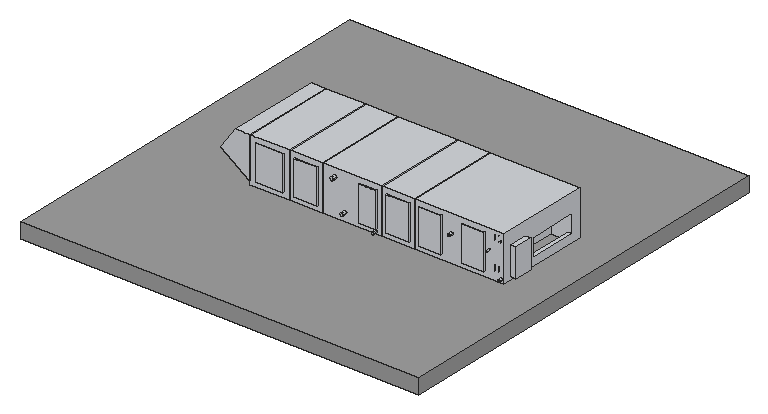
Revit family
Parameters (values of type "6 Row CW")
  Wheel Size [instance] = ""
  Voltage = 480 V
  Unit Weight (lbs) = 3319  # constant formula
  URL = "http://www.appliedair.com"
  Total Static Pressure [instance] = 0.00 in-wg
  Total Heating Capacity [instance] = 0.0 Btu/h
  Total Cooling Capacity [instance] = 0.0 Btu/h
  Temperature Rise [instance] = 0 °F
  Supply Air Pressure Drop [instance] = 0.00 in-wg
  Supply Air Outlet Flow [instance] = 0 CFM
  Supply Air Inlet Flow [instance] = 0 CFM
  Series = "IFL"
  Return Coil Horizontal Offset = 0' - 10"
  Return Air Inlet Flow [instance] = 0 CFM
  Return Air Flow Height = 1' - 8"
  Product URL = "http://www.appliedair.com/ifl.asp"
  Power Vertical Offset = 1' - 2 1/4"
  Power Horizontal Offset = 2' - 6"
  Power Connection Radius = 0' - 0 3/4"
  Phase = 3
  Output Heat [instance] = 0.0 Btu/h
  OmniClass = "23-75 10 24 21 27 17"
  Number of Rows = 6
  Number of Poles = 3
  Nominal Width = 6' - 4"  # constant formula
  Nominal Length = 18' - 11 5/16"  # constant formula
  Nominal Height = 3' - 0"  # constant formula
  Motor Horsepower (HP) [instance] = 0
  Motor Brake Horsepower (BHP) [instance] = 0
  Motor Amps [instance] = 0 A
  Model = "20"
  Minimum Input [instance] = 0.0 Btu/h
  Minimum Air Flow = 1500 CFM
  Maximum Input [instance] = 0.0 Btu/h
  Maximum Air Flow = 5000 CFM
  Manufacturer = "Applied Air"
  M = 3' - 4"  # constant formula
  L = 1' - 2 1/2"  # constant formula
  K = 2' - 4 11/16"  # constant formula
  J = 0' - 6 3/8"  # constant formula
  Heating Leaving Water Temperature [instance] = 0 °F
  Heating Leaving Air Temperature Wet Bulb [instance] = 0 °F
  Heating Leaving Air Temperature Dry Bulb [instance] = 0 °F
  Heating Entering Water Temperature [instance] = 0 °F
  Heating Entering Air Temperature Wet Bulb [instance] = 0 °F
  Heating Entering Air Temperature Dry Bulb [instance] = 0 °F
  Gas Vertical Offset = 1' - 9"  # constant formula
  Gas Horizontal Offset = 0' - 11 1/2"
  Gas Connection Radius = 0' - 0 3/8"  # constant formula
  Condensate Drain Vertical Offset = 0' - 2 3/4"
  Condensate Drain Radius = 0' - 0 3/4"  # constant formula
  Gas Pressure Drop [instance] = 0.00 psi
  Gas Input [instance] = 0.0 Btu/h
  Condensate Drain Horizontal Offset = 0' - 1 27/32"
  Gas Flow [instance] = 0 GPM
  Condensate Drain Connection Radius = Condensate Drain Radius  # 0' - 0 3/4"
  Furnace Size [instance] = ""
  Frequency = 60 Hz
  Fan Speed (RPM) [instance] = 0
  Face Velocity (FPM) [instance] = 0
  Face Pressure Drop [instance] = 0' - 0"
  Drain Pressure Drop [instance] = 0.00 psi
  Drain Flow [instance] = 0 GPM
  Description = "Dedicated Outside Air Split System"
  Cooling Sensible Capacity [instance] = 0 Btu/h
  Cooling Leaving Air Temperature Wet Bulb [instance] = 0 °F
  Cooling Leaving Air Temperature Dry Bulb [instance] = 0 °F
  Cooling Entering Air Temperature Wet Bulb [instance] = 0 °F
  Cooling Entering Air Temperature Dry Bulb [instance] = 0 °F
  Cooling Coil Radius = 0' 2 1/2" / 2  # 0' - 1 1/4"
  H = 0' - 3 1/16"
  G = 1' - 11 5/16"
  Drain Vertical Offset = 0' - 2"
  Drain Radius = 0' - 1"
  Drain Horizontal Offset = 0' - 5"
  Default Elevation = 0' - 0"
  F = 2' - 2"
  E = 4' - 0"
  D = 5' - 4"
  Combustion Air Flow [instance] = 0 CFM
  Coils Depth = 0' - 3"
  Coil Face Area = if(Choose Coil Option = 1, 6.00 SF, if(Choose Coil Option = 2, 10.50 SF, 0.00 SF))  # 10.50 SF
  Choose Coil Option = 2
  Chilled Water Pressure [instance] = 0.00 in-wg
  Chilled Water Flow [instance] = 0 GPM
  Coils Vertical Offsets = 0' - 6 143/256"
  Supply Coil Horizontal Offset = 1' - 6"
  Burner Amps [instance] = 0 A
  B = 6' - 0"
  Assembly Code = "D3030200"
  Apparent Power [instance] = (Motor Amps + Burner Amps) * Voltage * sqrt(3)  # 0 VA
  AHU Material = Galvanized Steel
  24x63 CW Coils = Choose Coil Option = 2  # yes
  24x36 CW Coils = Choose Coil Option = 1  # no
Reference planes (in)
  plane 1 "Center (Front/Back)": y = 0
  plane 2: z = -0.00391
  plane 3 "Center (Left/Right)": x = 0
  plane 4: y = 38
  plane 5: y = -38
  plane 6: x = -24
  plane 7: x = 24
  plane 8: x = 50
  plane 9: z = 35.99609
  plane 10: x = 122
  plane 11: x = -50
  plane 12: x = -82
  plane 13: x = -105.3125
  plane 14: x = -14
  plane 15: x = -6
  plane 16: z = 6.55469
  plane 17: z = 29.4375
  plane 18: y = -41
  plane 19: x = 19
  plane 20: z = 1.99609
  plane 21: x = 80
  plane 22: z = 21.74609
  plane 23: z = 2.74609
  plane 24: x = 120.15625
  plane 25: x = 110.5
  plane 26: z = 20.99609
Forms (in)
  Extrusion 1, solid, material "Default"
    sketch origin (0, 0, 0) x (1, 0, 0) y (0, 1, 0)
      loop
        line (-164.84185, 166) -> (-164.84185, -165.6411) -> (155.35983, -165.6411) -> (155.35983, 166) -> (-164.84185, 166)
    from -0.00391 to -12
  Extrusion 2, solid
    sketch origin (0.62705, 0, 0) x (1, 0, 0) y (0, 0, 1)
      loop
        line (-24.62705, 0) -> (23.37295, 0) -> (23.37295, 35.99609) -> (-24.62705, 35.99609) -> (-24.62705, 0)
    from -38 to 38
  Extrusion 3, solid
    sketch origin (66.62705, 0, 0) x (1, 0, 0) y (0, 0, 1)
      loop
        line (-42.62705, 0) -> (-16.62705, 0) -> (-16.62705, 35.99609) -> (-42.62705, 35.99609) -> (-42.62705, 0)
    from -38 to 38
  Extrusion 4, solid
    sketch origin (120.62705, 0, 0) x (1, 0, 0) y (0, 0, 1)
      loop
        line (-70.62705, 0) -> (1.37295, 0) -> (1.37295, 35.99609) -> (-70.62705, 35.99609) -> (-70.62705, 0)
    from -38 to 38
  Extrusion 5, solid
    sketch origin (-17.37295, 0, 0) x (1, 0, 0) y (0, 0, 1)
      loop
        line (-32.62705, -0.00391) -> (-6.62705, -0.00391) -> (-6.62705, 35.99609) -> (-32.62705, 35.99609) -> (-32.62705, -0.00391)
    from -38 to 38
  Extrusion 6, solid
    sketch origin (-41.37295, 0, 0) x (1, 0, 0) y (0, 0, 1)
      loop
        line (-40.62705, -0.00391) -> (-8.62705, -0.00391) -> (-8.62705, 35.99609) -> (-40.62705, 35.99609) -> (-40.62705, -0.00391)
    from -38 to 38
  Extrusion 7, solid
    sketch origin (0, 0, 0) x (1, 0, 0) y (0, 0, 1)
      loop
        line (-105.3125, 18.99609) -> (-82, 2.99609) -> (-82, 35.99609) -> (-93.64494, 35.99609) -> (-105.3125, 18.99609)
    from -38 to 38
  Extrusion 8, void
    sketch origin (0, 0, 0) x (1, 0, 0) y (0, 1, 0)
      loop
        line (-75, 32) -> (-75, -32) -> (-55, -32) -> (-55, 32) -> (-75, 32)
    from 0 to 31.59567
  Extrusion 9, void
    sketch origin (0, 0, 0) x (0, 1, 0) y (0, 0, 1)
      loop
        line (-32, 9) -> (32, 9) -> (32, 29) -> (-32, 29) -> (-32, 9)
    from -55 to -94.13707
  Extrusion 10, void
    sketch origin (0, 0, 0) x (1, 0, 0) y (0, 0, 1)
      loop
        line (-102.50827, 17.06733) -> (-86.01841, 5.7538) -> (-77.78066, 17.7606) -> (-94.27052, 29.07414) -> (-102.50827, 17.06733)
    from -32 to 32
  Extrusion 11, void
    sketch origin (0, 0, 0) x (1, 0, 0) y (0, 1, 0)
      loop
        line (118.9375, -9.3125) -> (118.9375, 30.6875) -> (104.4375, 30.6875) -> (104.4375, -9.3125) -> (118.9375, -9.3125)
    from 0 to 21.23232
  Extrusion 12, void
    sketch origin (0, 0, 0) x (1, 0, 0) y (0, 0, 1)
      loop
        line (122, 6.37109) -> (122, 20.87109) -> (104.4375, 20.87109) -> (104.4375, 6.37109) -> (122, 6.37109)
    from -30.6875 to 9.3125
  Extrusion 13, solid
    sketch origin (0, 0, 0) x (1, 0, 0) y (0, 1, 0)
      loop
        line (122, -17) -> (122, -32) -> (127, -32) -> (127, -17) -> (122, -17)
    from 3.06225 to 25.87762
  Extrusion 14, solid
    sketch origin (0, 0, 0) x (1, 0, 0) y (0, 0, 1)
      loop
        circle (-6, 6.55469) r 1.25
      loop
        circle (-14, 29.4375) r 1.25
      loop
        circle (19, 1.99609) r 1
      loop
        circle (80, 21.74609) r 0.75
      loop
        circle (120.15625, 2.74609) r 0.75
      loop
        circle (110.5, 20.99609) r 0.375
    from 38 to 41
  Extrusion 15, solid
    sketch origin (0, -38, 0) x (1, 0, 0) y (0, 0, 1)
      loop
        line (-55, 31.99609) -> (-77, 31.99609) -> (-77, 3.99609) -> (-55, 3.99609) -> (-55, 31.99609)
      loop
        line (-28, 31.99609) -> (-46, 31.99609) -> (-46, 3.99609) -> (-28, 3.99609) -> (-28, 31.99609)
      loop
        line (20, 31.99609) -> (6, 31.99609) -> (6, 3.99609) -> (20, 3.99609) -> (20, 31.99609)
      loop
        line (46, 31.99609) -> (28, 31.99609) -> (28, 3.99609) -> (46, 3.99609) -> (46, 31.99609)
      loop
        line (72, 31.99609) -> (54, 31.99609) -> (54, 3.99609) -> (72, 3.99609) -> (72, 31.99609)
      loop
        line (107, 31.99609) -> (89, 31.99609) -> (89, 3.99609) -> (107, 3.99609) -> (107, 31.99609)
    from 0 to 1
  Extrusion 16, void
    sketch origin (0, 0, 0) x (1, 0, 0) y (0, 0, 1)
      loop
        line (114.55215, 32.70523) -> (114.55215, 32.20523) -> (116.80215, 32.20523) -> (116.80215, 32.70523) -> (114.55215, 32.70523)
      loop
        line (117.55215, 32.70523) -> (117.55215, 32.20523) -> (119.80215, 32.20523) -> (119.80215, 32.70523) -> (117.55215, 32.70523)
      loop
        line (114.55215, 33.45523) -> (114.55215, 32.95523) -> (116.80215, 32.95523) -> (116.80215, 33.45523) -> (114.55215, 33.45523)
      loop
        line (117.55215, 33.45523) -> (117.55215, 32.95523) -> (119.80215, 32.95523) -> (119.80215, 33.45523) -> (117.55215, 33.45523)
      loop
        line (114.55215, 31.95523) -> (114.55215, 31.45523) -> (116.80215, 31.45523) -> (116.80215, 31.95523) -> (114.55215, 31.95523)
      loop
        line (117.55215, 31.95523) -> (117.55215, 31.45523) -> (119.80215, 31.45523) -> (119.80215, 31.95523) -> (117.55215, 31.95523)
      loop
        line (114.55215, 31.20523) -> (114.55215, 30.70523) -> (116.80215, 30.70523) -> (116.80215, 31.20523) -> (114.55215, 31.20523)
      loop
        line (117.55215, 31.20523) -> (117.55215, 30.70523) -> (119.80215, 30.70523) -> (119.80215, 31.20523) -> (117.55215, 31.20523)
      loop
        line (114.55215, 30.45523) -> (114.55215, 29.95523) -> (116.80215, 29.95523) -> (116.80215, 30.45523) -> (114.55215, 30.45523)
      loop
        line (117.55215, 30.45523) -> (117.55215, 29.95523) -> (119.80215, 29.95523) -> (119.80215, 30.45523) -> (117.55215, 30.45523)
      loop
        line (114.55215, 29.70523) -> (114.55215, 29.20523) -> (116.80215, 29.20523) -> (116.80215, 29.70523) -> (114.55215, 29.70523)
      loop
        line (117.55215, 29.70523) -> (117.55215, 29.20523) -> (119.80215, 29.20523) -> (119.80215, 29.70523) -> (117.55215, 29.70523)
      loop
        line (114.55215, 7.78696) -> (116.80215, 7.78696) -> (116.80215, 8.28696) -> (114.55215, 8.28696) -> (114.55215, 7.78696)
      loop
        line (117.55215, 7.78696) -> (119.80215, 7.78696) -> (119.80215, 8.28696) -> (117.55215, 8.28696) -> (117.55215, 7.78696)
      loop
        line (114.55215, 7.03696) -> (116.80215, 7.03696) -> (116.80215, 7.53696) -> (114.55215, 7.53696) -> (114.55215, 7.03696)
      loop
        line (117.55215, 7.03696) -> (119.80215, 7.03696) -> (119.80215, 7.53696) -> (117.55215, 7.53696) -> (117.55215, 7.03696)
      loop
        line (114.55215, 8.53696) -> (116.80215, 8.53696) -> (116.80215, 9.03696) -> (114.55215, 9.03696) -> (114.55215, 8.53696)
      loop
        line (117.55215, 8.53696) -> (119.80215, 8.53696) -> (119.80215, 9.03696) -> (117.55215, 9.03696) -> (117.55215, 8.53696)
      loop
        line (114.55215, 9.28696) -> (116.80215, 9.28696) -> (116.80215, 9.78696) -> (114.55215, 9.78696) -> (114.55215, 9.28696)
      loop
        line (117.55215, 9.28696) -> (119.80215, 9.28696) -> (119.80215, 9.78696) -> (117.55215, 9.78696) -> (117.55215, 9.28696)
      loop
        line (114.55215, 10.03696) -> (116.80215, 10.03696) -> (116.80215, 10.53696) -> (114.55215, 10.53696) -> (114.55215, 10.03696)
      loop
        line (117.55215, 10.03696) -> (119.80215, 10.03696) -> (119.80215, 10.53696) -> (117.55215, 10.53696) -> (117.55215, 10.03696)
      loop
        line (114.55215, 10.78696) -> (116.80215, 10.78696) -> (116.80215, 11.28696) -> (114.55215, 11.28696) -> (114.55215, 10.78696)
      loop
        line (117.55215, 10.78696) -> (119.80215, 10.78696) -> (119.80215, 11.28696) -> (117.55215, 11.28696) -> (117.55215, 10.78696)
    from 32 to 38
Cuts and joins
  Extrusion 8, Extrusion 9 cuts Extrusion 6
  Extrusion 9 cuts Extrusion 2
  Extrusion 9 cuts Extrusion 3
  Extrusion 9, Extrusion 10 cuts Extrusion 7
  Extrusion 11, Extrusion 12, Extrusion 16 cuts Extrusion 4
Dimensions and locks (in)
  "Nominal Width": plane 5 to plane 4
  "E": plane 6 to plane 7
  equal spacing: plane 6, plane 3 "Center (Left/Right)", plane 7
  "Nominal Height": plane 9 to plane 2
  "F": plane 7 to plane 8
  "F": plane 11 to plane 6
  locked: plane 12 to plane 11 at 32
  "B": plane 8 to plane 10
  "G": plane 13 to plane 12
  "D": Extrusion 8 sketch curve to Extrusion 8 sketch curve
  locked: Extrusion 8 sketch curve to Extrusion 8 sketch curve at 20
  locked: Extrusion 9 sketch curve to Extrusion 9 sketch curve at 20
  "D": Extrusion 9 sketch curve to Extrusion 9 sketch curve
  locked: level to Extrusion 9 sketch curve at 9
  "K": plane 5 to Extrusion 11 sketch curve
  "M": Extrusion 11 sketch curve to Extrusion 11 sketch curve
  "H": Extrusion 11 sketch curve to plane 10
  "L": Extrusion 11 sketch curve to Extrusion 11 sketch curve
  "J": Extrusion 12 sketch curve to plane 2
  "L": Extrusion 12 sketch curve to Extrusion 12 sketch curve
  "K": cut or joined group of Extrusion 4, Extrusion 11, Extrusion 12, Extrusion 16 to plane 5
  "M": cut or joined group of Extrusion 4, Extrusion 11, Extrusion 12, Extrusion 16 to cut or joined group of Extrusion 4, Extrusion 11, Extrusion 12, Extrusion 16
  locked: plane 9 to Extrusion 13 at 10.11847
  locked: Extrusion 13 to Extrusion 13 at 22.81538
  locked: Extrusion 13 to plane 2 at 3.06615
  locked: Extrusion 13 to Extrusion 13 at 5
  "Coils Depth": plane 18 to plane 5
  "Coils Vertical Offsets": plane 16 to plane 2
  "Coils Vertical Offsets": plane 9 to plane 17
  "Return Coil Horizontal Offset": plane 6 to plane 14
  "Supply Coil Horizontal Offset": plane 6 to plane 15
  "Drain Vertical Offset": plane 20 to plane 2
  "Drain Horizontal Offset": plane 19 to plane 7
  locked: plane 12 to Extrusion 15 sketch curve at 5
  locked: Extrusion 15 sketch curve to plane 11 at 5
  locked: plane 9 to Extrusion 15 sketch curve at 4  (x6)
  locked: Extrusion 15 sketch curve to plane 2 at 4  (x6)
  locked: plane 11 to Extrusion 15 sketch curve at 4
  locked: Extrusion 15 sketch curve to plane 6 at 4
  locked: plane 6 to Extrusion 15 sketch curve at 30
  locked: Extrusion 15 sketch curve to plane 7 at 4
  locked: plane 7 to Extrusion 15 sketch curve at 4
  locked: Extrusion 15 sketch curve to plane 8 at 4
  locked: plane 8 to Extrusion 15 sketch curve at 4
  locked: Extrusion 15 sketch curve to Extrusion 15 sketch curve at 17
  locked: Extrusion 15 sketch curve to plane 10 at 15
  "Power Vertical Offset": plane 9 to plane 22
  "Power Horizontal Offset": plane 8 to plane 21
  locked: Extrusion 15 to plane 5 at 1
  "Condensate Drain Vertical Offset": plane 23 to plane 2
  plane 13 to plane 10 = 18' - 11 5/16"
  "Condensate Drain Horizontal Offset": plane 24 to plane 10
  "Gas Vertical Offset": plane 26 to plane 2
  "Gas Horizontal Offset": plane 25 to plane 10
  locked: Extrusion 14 sketch curve to plane 14 at 0
  locked: Extrusion 14 sketch curve to plane 15 at 0
  locked: Extrusion 14 sketch curve to plane 19 at 0
  locked: Extrusion 14 sketch curve to plane 21 at 0
  locked: Extrusion 14 sketch curve to plane 25 at 0
  locked: Extrusion 14 sketch curve to plane 23 at 0
  locked: Extrusion 14 sketch curve to plane 24 at 0
  locked: Extrusion 14 sketch curve to plane 20 at 0
  locked: Extrusion 14 sketch curve to plane 16 at 0
  locked: Extrusion 14 sketch curve to plane 26 at 0
  locked: Extrusion 14 sketch curve to plane 22 at 0
  locked: Extrusion 14 sketch curve to plane 17 at 0
  "Cooling Coil Radius": radius of Extrusion 14 sketch curve  (x2)
  "Drain Radius": radius of Extrusion 14 sketch curve
  "Power Connection Radius": radius of Extrusion 14 sketch curve
  "Condensate Drain Connection Radius": radius of Extrusion 14 sketch curve
  "Gas Connection Radius": radius of Extrusion 14 sketch curve
  aligned and locked: plane 2 to Extrusion 1
  aligned and locked: Extrusion 2 to plane 4
  aligned and locked: plane 5 to Extrusion 2
  aligned and locked: plane 6 to Extrusion 2
  aligned and locked: plane 7 to Extrusion 2
  aligned and locked: plane 7 to Extrusion 3
  aligned and locked: Extrusion 3 to plane 8
  aligned and locked: plane 9 to Extrusion 2
  aligned and locked: Extrusion 3 to Extrusion 2
  aligned and locked: plane 5 to Extrusion 3
  aligned and locked: Extrusion 3 to plane 4
  aligned and locked: Extrusion 4 to plane 9
  aligned and locked: plane 8 to Extrusion 4
  aligned and locked: Extrusion 4 to plane 10
  aligned and locked: plane 5 to Extrusion 4
  aligned and locked: Extrusion 4 to plane 4
  aligned and locked: Extrusion 5 to plane 6
  aligned and locked: plane 11 to Extrusion 5
  aligned and locked: Extrusion 5 to plane 9
  aligned and locked: Extrusion 5 to plane 2
  aligned and locked: Extrusion 5 to plane 4
  aligned and locked: plane 5 to Extrusion 5
  aligned and locked: plane 5 to Extrusion 6
  aligned and locked: Extrusion 6 to plane 4
  aligned and locked: plane 12 to Extrusion 6
  aligned and locked: Extrusion 6 to plane 11
  aligned and locked: Extrusion 6 to plane 9
  aligned and locked: Extrusion 6 to plane 2
  aligned and locked: Extrusion 7 to plane 9
  aligned and locked: plane 13 to Extrusion 7
  aligned and locked: Extrusion 7 to plane 12
  aligned and locked: Extrusion 7 to plane 4
  aligned and locked: plane 5 to Extrusion 7
  aligned and locked: cut or joined group of Extrusion 6, Extrusion 8, Extrusion 9 to Extrusion 9 sketch curve
  aligned and locked: cut or joined group of Extrusion 6, Extrusion 8, Extrusion 9 to Extrusion 9
  aligned and locked: cut or joined group of Extrusion 6, Extrusion 8, Extrusion 9 to Extrusion 10  (x2)
  aligned and locked: Extrusion 11 to level
  aligned and locked: cut or joined group of Extrusion 4, Extrusion 11, Extrusion 12, Extrusion 16 to Extrusion 12 sketch curve
  aligned and locked: plane 10 to Extrusion 12 sketch curve
  aligned and locked: plane 10 to Extrusion 13
  aligned and locked: plane 5 to Extrusion 14
  aligned and locked: plane 18 to Extrusion 14
  aligned and locked: Extrusion 15 to plane 5
  aligned and locked: cut or joined group of Extrusion 4, Extrusion 11, Extrusion 12, Extrusion 16 to plane 5
Automatic sketch dimensions
  Extrusion 1 sketch curve to Extrusion 1 sketch curve = 26' - 8.20168"
  Extrusion 1 sketch curve to Extrusion 1 sketch curve = 27' - 7.6411"
  Extrusion 2 sketch curve to level = 0' - 0"
  Extrusion 2 sketch curve to plane 6 = 0' - 0"
  Extrusion 2 sketch curve to plane 7 = 0' - 0"
  Extrusion 2 sketch curve to plane 9 = 0' - 0"
  Extrusion 3 sketch curve to level = 0' - 0"
  Extrusion 3 sketch curve to plane 7 = 0' - 0"
  Extrusion 3 sketch curve to plane 8 = 0' - 0"
  Extrusion 3 sketch curve to plane 9 = 0' - 0"
  Extrusion 4 sketch curve to level = 0' - 0"
  Extrusion 4 sketch curve to plane 8 = 0' - 0"
  Extrusion 4 sketch curve to plane 9 = 0' - 0"
  Extrusion 4 sketch curve to plane 10 = 0' - 0"
  Extrusion 5 sketch curve to plane 2 = 0' - 0"
  Extrusion 5 sketch curve to plane 11 = 0' - 0"
  Extrusion 5 sketch curve to plane 6 = 0' - 0"
  Extrusion 5 sketch curve to plane 9 = 0' - 0"
  Extrusion 6 sketch curve to plane 2 = 0' - 0"
  Extrusion 6 sketch curve to plane 12 = 0' - 0"
  Extrusion 6 sketch curve to plane 9 = 0' - 0"
  Extrusion 6 sketch curve to plane 11 = 0' - 0"
  Extrusion 7 sketch curve to plane 13 = 0' - 0"
  Extrusion 7 sketch curve to plane 9 = 0' - 0"
  Extrusion 7 sketch curve to plane 12 = 0' - 0"
  plane 12 to Extrusion 7 sketch curve = 0' - 11.64494"
  plane 17 to Extrusion 7 sketch curve = 0' - 10 113/256"
  Extrusion 8 sketch curve to plane 12 = 0' - 7"
  Extrusion 8 sketch curve to plane 5 = 0' - 6"
  Extrusion 10 sketch curve to plane 13 = 0' - 2.80423"
  plane 17 to Extrusion 10 sketch curve = 0' - 0.36336"
  Extrusion 10 sketch curve to plane 13 = 0' - 11.04198"
  plane 16 to Extrusion 10 sketch curve = 0' - 0.80089"
  Extrusion 10 sketch curve to Extrusion 10 sketch curve = 1' - 4.48986"
  Extrusion 13 sketch curve to plane 10 = 0' - 0"
  Extrusion 13 sketch curve to plane 10 = 0' - 5"
  Extrusion 13 sketch curve to plane 5 = 0' - 6"
  Extrusion 13 sketch curve to Extrusion 13 sketch curve = 1' - 3"
  Extrusion 15 sketch curve to Extrusion 15 sketch curve = 1' - 6"
  Extrusion 16 sketch curve to plane 17 = 0' - 3.26773"
  plane 10 to Extrusion 16 sketch curve = 0' - 7.44785"  (x2)
  Extrusion 16 sketch curve to Extrusion 16 sketch curve = 0' - 0"  (x37)
  plane 17 to Extrusion 16 sketch curve = 0' - 0.23227"  (x2)
  Extrusion 16 sketch curve to Extrusion 16 sketch curve = 0' - 2 1/4"  (x3)
  Extrusion 16 sketch curve to Extrusion 16 sketch curve = 0' - 0 3/4"  (x4)
  plane 10 to Extrusion 16 sketch curve = 0' - 2.19785"  (x3)
  plane 22 to Extrusion 16 sketch curve = 0' - 10.45913"
  Extrusion 16 sketch curve to Extrusion 16 sketch curve = 0' - 0 1/2"  (x21)
  Extrusion 16 sketch curve to Extrusion 16 sketch curve = 0' - 0 1/4"  (x20)
  Extrusion 16 sketch curve to plane 17 = 0' - 0.26773"  (x2)
Connectors (in)
  hvac at (-94.26232, 0, 11.41205), driven by "D", driven by "Return Air Flow Height", driven by "Supply Air Inlet Flow"
    settings: on cut or joined group of Extrusion 7, Extrusion 9, Extrusion 10, index 1
  hvac at (-65, 0, -0.00391), driven by "D", driven by "Return Air Flow Height", driven by "Return Air Inlet Flow"
    settings: on cut or joined group of Extrusion 6, Extrusion 8, Extrusion 9, index 2
  hvac at (111.6875, 10.6875, 0), driven by "M", driven by "L", driven by "Supply Air Outlet Flow"
    settings: on cut or joined group of Extrusion 4, Extrusion 11, Extrusion 12, Extrusion 16, index 3
  hvac at (122, 10.6875, 13.62109), driven by "M", driven by "L", driven by "Supply Air Outlet Flow"
    settings: on cut or joined group of Extrusion 4, Extrusion 11, Extrusion 12, Extrusion 16, index 4
  piping at (-14, -41, 29.4375), driven by "Cooling Coil Radius", driven by "Chilled Water Pressure", driven by "Chilled Water Flow"
    settings: on Extrusion 14, index 5
  piping at (-6, -41, 6.55469), driven by "Cooling Coil Radius", driven by "Chilled Water Flow", driven by "Chilled Water Pressure"
    settings: on Extrusion 14, index 6
  piping at (19, -41, 1.99609), driven by "Drain Radius", driven by "Drain Flow"
    settings: on Extrusion 14, index 7
  electrical at (80, -41, 21.74609), driven by "Number of Poles", driven by "Apparent Power", driven by "Voltage"
    settings: on Extrusion 14, index 8
  piping at (120.15625, -41, 2.74609), driven by "Condensate Drain Radius", driven by "Drain Flow", driven by "Gas Pressure Drop"
    settings: on Extrusion 14, index 9
  piping at (110.5, -41, 20.99609), driven by "Gas Connection Radius", driven by "Gas Flow", driven by "Gas Pressure Drop"
    settings: on Extrusion 14, index 10
